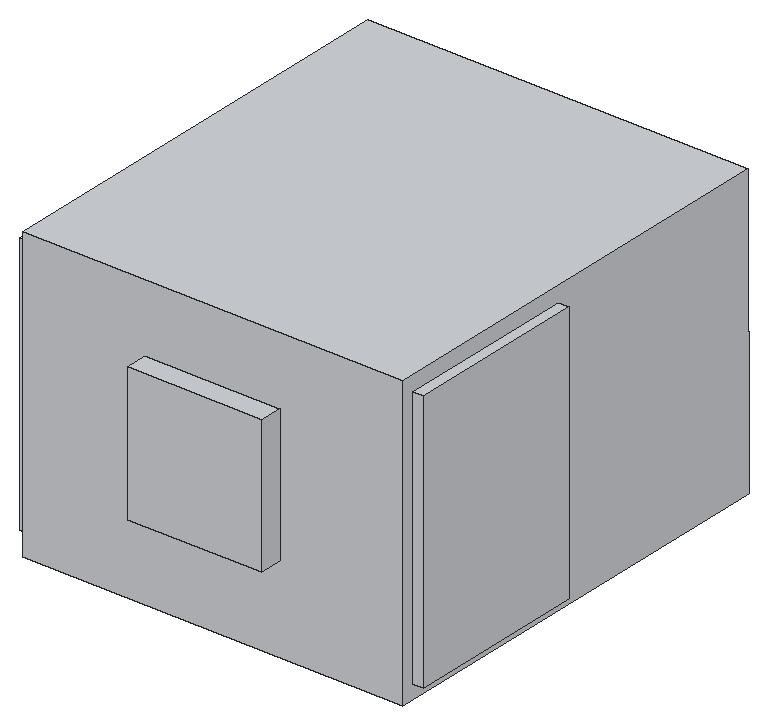
Revit family "M_Módulo do ventilador - Descarga lateral", category Equipamento mecânico, Revit 2019
Family settings
  Cota do conector redondo = Utilizar diâmetro
  Tipo de parte = Normal
  ID de item do Seek = Fan Module - Side Discharge Up-0000-CAN-ENU
  Com base no plano de trabalho = Não
  Sempre na vertical = Sim
  Corte com vazios quando carregada = Não
  Compartilhado = Não
  Ponto de cálculo do ambiente = Não
Parameters (values of type "940 LPS")
  Largura 1 = 406.4 mm
  Voltagem = 208 V
  Raio do motor do símbolo = 387.4 mm
  Comprimento do símbolo = 88.9 mm
  Classificação de carga = Refrigeração
  Altura 1 = 584.2 mm
  C1 Deslocamento 1 = 152.4 mm
  Pressão estática externa [instance] = 17.42 Pa
  Número de postes = 3
  Comprimento = Raio do motor do símbolo + Comprimento do símbolo  # 476.3 mm
  Meia largura [instance] = Largura da saída / 2  # 150 mm
  Raio do meio símbolo = Raio do motor do símbolo / 2  # 193.7 mm
  Meia altura 1 = Altura 1 / 2  # 292.1 mm
  Largura interna = 850 mm
  Largura da saída = 300 mm
  Altura interna = 650 mm
  Altura da saída = 300 mm
  Meio comprimento [instance] = Largura interna / 2  # 425 mm
  Fluxo de ar [instance] = 943.89 L/s
  Largura do ventilador = 965.2 mm
  Material do ventilador = none
  Carga aparente = 13000 VA
Types (9, lengths in mm): name | Largura 1 | Voltagem | Raio do motor do símbolo | Comprimento do símbolo | Altura 1 | C1 Deslocamento 1 | Pressão estática externa | Comprimento | Meia largura | Raio do meio símbolo | Meia altura 1 | Largura interna | Largura da saída | Altura interna | Altura da saída | Meio comprimento | Fluxo de ar | Largura do ventilador | Carga aparente
  (no name) | 406.4 | 208 V | 387.4 | 88.9 | 584.2 | 152.4 | 17.42 Pa | 476.3 | 150 | 193.7 | 292.1 | 850 | 300 | 650 | 300 | 425 | 943.89 L/s | 965.2 | 13000 VA
  940 LPS | 406.4 | 208 V | 387.4 | 88.9 | 584.2 | 152.4 | 17.42 Pa | 476.3 | 150 | 193.7 | 292.1 | 850 | 300 | 650 | 300 | 425 | 943.89 L/s | 965.2 | 13000 VA
  1410 LPS | 406.4 | 208 V | 381 | 60.3 | 812.8 | 101.6 | 39.81 Pa | 441.3 | 250 | 190.5 | 406.4 | 1550 | 500 | 850 | 500 | 775 | 1415.84 L/s | 914.4 | 44000 VA
  1645 LPS | 406.4 | 208 V | 457.2 | 108 | 1066.8 | 101.6 | 54.74 Pa | 565.2 | 350 | 228.6 | 533.4 | 1950 | 700 | 1100 | 700 | 975 | 1651.82 L/s | 1168.4 | 75000 VA
  1880 LPS | 609.6 | 208 V | 508 | 123.8 | 1219.2 | 101.6 | 57.23 Pa | 631.8 | 350 | 254 | 609.6 | 2000 | 700 | 1250 | 700 | 1000 | 1887.79 L/s | 1320.8 | 95000 VA
  2115 LPS | 609.6 | 208 V | 609.6 | 111.1 | 1371.6 | 101.6 | 69.68 Pa | 720.7 | 400 | 304.8 | 685.8 | 2400 | 800 | 1400 | 800 | 1200 | 2123.76 L/s | 1473.2 | 120000 VA
  2350 LPS | 663.6 | 480 V | 790.6 | 120.7 | 1828.8 | 304.8 | 109.49 Pa | 911.3 | 525 | 395.3 | 914.4 | 3100 | 1050 | 1900 | 1050 | 1550 | 2359.74 L/s | 1828.8 | 120000 VA
  2820 LPS | 609.6 | 480 V | 933.5 | 127 | 2032 | 457.2 | 102.02 Pa | 1060.5 | 600 | 466.75 | 1016 | 3550 | 1200 | 2350 | 1050 | 1775 | 2831.68 L/s | 2184.4 | 120000 VA
  3290 LPS | 609.6 | 480 V | 1079.5 | 130.2 | 2057.4 | 914.4 | 151.79 Pa | 1209.7 | 825 | 539.75 | 1028.7 | 3900 | 1650 | 3050 | 1400 | 1950 | 3303.63 L/s | 2489.2 | 120000 VA
Reference planes
  plane 1 "Centro (Frente/Trás)": y = 0
  plane 2: z = 0
  plane 3 "Centro (Esquerda/Direita)": x = 0
  plane 4: x = -425
  plane 5: x = 425
  plane 6: y = -965.2
  plane 7: z = 650
  plane 8: y = -939.8
  plane 9: y = -1016
  plane 10: y = -533.4
  plane 11: x = -450.4
  plane 12: x = 450.4
  plane 13: x = -150
  plane 14: x = 150
  plane 15: z = 497.6
  plane 16: z = 192.8
  plane 17: z = 325
  plane 18: z = 617.1
  plane 19: z = 32.9
  plane 20: y = -482.6
  plane 21: y = -958.9
  plane 22: x = -387.4
Forms (mm)
  Extrusion 1, solid, material <- "Material do ventilador", detail levels medium+fine
    sketch origin (0, 0, 0) x (1, 0, 0) y (0, 1, 0)
      loop
        line (-425, 0) -> (-425, -965.2) -> (425, -965.2) -> (425, 0) -> (-425, 0)
    from 0 to 650
  Extrusion 2, solid, material <- "Material do ventilador", detail levels medium+fine
    sketch origin (0, 0, 0) x (1, 0, 0) y (0, 1, 0)
      loop
        line (-150, -1016) -> (150, -1016) -> (150, -965.2) -> (-150, -965.2) -> (-150, -1016)
    from 192.8 to 497.6
  Extrusion 3, solid, material <- "Material do ventilador", detail levels medium+fine
    sketch origin (0, 0, 0) x (1, 0, 0) y (0, 1, 0)
      loop
        line (-450.4, -939.8) -> (-425, -939.8) -> (-425, -533.4) -> (-450.4, -533.4) -> (-450.4, -939.8)
    from 32.9 to 617.1
  Extrusion 4, solid, material <- "Material do ventilador", detail levels medium+fine
    sketch origin (0, 0, 0) x (1, 0, 0) y (0, 1, 0)
      loop
        line (425, -939.8) -> (450.4, -939.8) -> (450.4, -533.4) -> (425, -533.4) -> (425, -939.8)
    from 32.9 to 617.1
  Extrusion 5, solid, material <- "Material do ventilador", detail levels coarse
    sketch origin (0, 0, 0) x (1, 0, 0) y (0, 1, 0)
      loop
        line (-450.4, -1016) -> (450.4, -1016) -> (450.4, 0) -> (-450.4, 0) -> (-450.4, -1016)
    from 0 to 650
Cuts and joins
  joined: Extrusion 1, Extrusion 2, Extrusion 3, Extrusion 4
Lines and regions (mm)
  symbolic lines, detail levels coarse
    curve 1: circle (0, -482.6, 0) r 193.7 normal (0, 0, 1)
    curve 2: line (0, -870, 0) -> (0, -958.9, 0)
    curve 3: line (0, -958.9, 0) -> (-387.4, -958.9, 0)
    curve 4: line (-387.4, -958.9, 0) -> (-387.4, -482.6, 0)
    curve 5: arc (0, -870, 0) -> (273.933, -208.667, 0) -> (-387.4, -482.6, 0) r 387.4
Dimensions and locks
  "Meio comprimento": plane 4 to plane 3 "Centro (Esquerda/Direita)"
  "Meio comprimento": plane 5 to plane 3 "Centro (Esquerda/Direita)"
  "Largura do ventilador": plane 6 to plane 1 "Centro (Frente/Trás)"
  "Altura interna": plane 7 to plane 2
  locked: plane 8 to plane 6 at 25.4
  "Largura 1": plane 10 to plane 8
  "Meia largura": plane 13 to plane 3 "Centro (Esquerda/Direita)"
  "Meia largura": plane 3 "Centro (Esquerda/Direita)" to plane 14
  "C1 Deslocamento 1": plane 15 to plane 7
  locked: plane 16 to plane 15 at 304.8
  equal spacing: plane 7, plane 17, plane 2
  "Meia altura 1": plane 18 to plane 17
  "Meia altura 1": plane 19 to plane 17
  equal spacing: plane 6, plane 20, plane 1 "Centro (Frente/Trás)"
  "Comprimento": plane 21 to plane 20
  "Raio do motor do símbolo": plane 22 to plane 3 "Centro (Esquerda/Direita)"
  locked: plane 5 to plane 12 at 25.4
  locked: plane 11 to plane 4 at 25.4
  plane 6 to plane 9 = 50.8 mm
  "Raio do meio símbolo": radius of curve 1
  aligned and locked: plane 4 to Extrusion 1 sketch curve
  aligned and locked: plane 1 "Centro (Frente/Trás)" to Extrusion 1 sketch curve
  aligned and locked: plane 6 to Extrusion 1 sketch curve
  aligned and locked: Extrusion 1 sketch curve to plane 5
  aligned and locked: plane 7 to Extrusion 1
  aligned and locked: Extrusion 1 to plane 2
  aligned and locked: plane 13 to Extrusion 2 sketch curve
  aligned and locked: Extrusion 2 sketch curve to plane 9
  aligned and locked: plane 6 to Extrusion 2 sketch curve
  aligned and locked: plane 14 to Extrusion 2 sketch curve
  aligned and locked: plane 11 to Extrusion 3 sketch curve
  aligned and locked: Extrusion 3 sketch curve to plane 8
  aligned and locked: plane 10 to Extrusion 3 sketch curve
  aligned and locked: plane 4 to Extrusion 3 sketch curve
  aligned and locked: plane 5 to Extrusion 4 sketch curve
  aligned and locked: plane 10 to Extrusion 4 sketch curve
  aligned and locked: plane 12 to Extrusion 4 sketch curve
  aligned and locked: Extrusion 4 sketch curve to plane 8
  aligned and locked: plane 15 to Extrusion 2
  aligned and locked: Extrusion 2 to plane 16
  aligned and locked: Extrusion 4 to plane 19
  aligned and locked: plane 18 to Extrusion 4
  aligned and locked: plane 18 to Extrusion 3
  aligned and locked: Extrusion 3 to plane 19
  aligned and locked: curve 2 to plane 3 "Centro (Esquerda/Direita)"
  aligned and locked: plane 20 to curve 4
  aligned and locked: plane 22 to curve 4
  aligned and locked: plane 21 to curve 3
  aligned and locked: plane 11 to Extrusion 5 sketch curve
  aligned and locked: Extrusion 5 sketch curve to plane 9
  aligned and locked: plane 1 "Centro (Frente/Trás)" to Extrusion 5 sketch curve
  aligned and locked: plane 12 to Extrusion 5 sketch curve
  aligned and locked: plane 7 to Extrusion 5
  aligned and locked: Extrusion 5 to plane 2
Automatic sketch dimensions
  curve 1 to curve 5 = 0 mm  (x2)
Connectors
  hvac at (0, -1016, 345.2), driven by "Pressão estática externa", driven by "Fluxo de ar", driven by "Altura da saída", driven by "Largura da saída"
    settings: on Extrusion 2, index 1, duct flow 943.89 L/s, flow factor 0, pres drop 17.42 Pa, loss coef 0, conn angle 0.00°, conn width 300 mm, conn height 300 mm, conn diameter 609.6 mm, duct sys type 29, conn prof type 1, flow config 0, flow direction 2, loss method 0, conn ref index 2, conn util no, is conn primary yes, conn desc ""
  hvac at (0, 0, 325), driven by "Fluxo de ar", driven by "Altura interna", driven by "Largura interna"
    settings: on Extrusion 1, index 2, duct flow 943.89 L/s, flow factor 0, pres drop 0.0 Pa, loss coef 0, conn angle 0.00°, conn width 850 mm, conn height 650 mm, conn diameter 609.6 mm, duct sys type 29, conn prof type 1, flow config 0, flow direction 1, loss method 0, conn ref index 1, conn util no, is conn primary no, conn desc ""
  electrical at (450.4, -508, 325), driven by "Número de postes", driven by "Voltagem", driven by "Carga aparente", driven by "Classificação de carga"
    settings: on Extrusion 5, index 3, voltage 208 V, apparent load 13000 VA, apparent load phase1 0 VA, apparent load phase2 0 VA, apparent load phase3 0 VA, power factor 0.8, load classification "Refrigeração", number of poles 3, system type 30, power factor state 1, is connector primary yes, connector utility no, sub classification motor no, connector description ""
